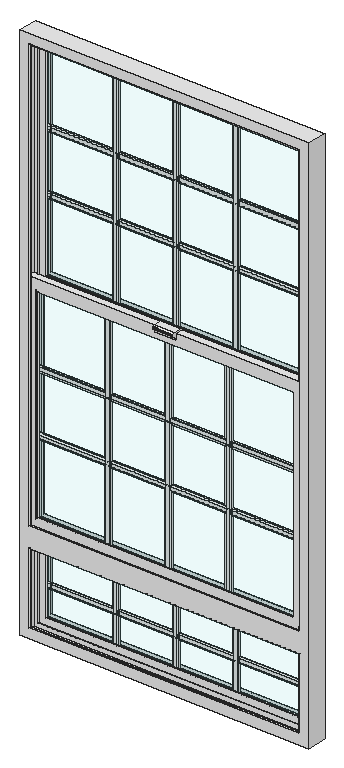
Revit family "Windows_Single-Hung_Milgard_Tuscany-Montecito-Series_Single-Hung-Above", category Windows, host Wall, Revit 2017
Family settings
  Host = Wall
  OmniClass Number = 23.30.20.17.17.11
  OmniClass Title = Single-Hung Windows
  Always vertical = Yes
  Cut with Voids When Loaded = No
  Shared = No
  Room Calculation Point = No
Parameters (values of type "48" x 90"")
  Youtube clip = "https://www.youtube.com/watch?v=kTycgURMhFo&list=PL_Ow8HQ0-gw77aRiTrPBSI0--vocwVnzV&index=1"
  Weight Net (Kg) = ""
  Uniformat II Description = "Exterior Windows"
  Uniformat II Code = "B2020"
  Uniclass 2015 Name = ""
  Uniclass 2015 Code = ""
  Uniclass 2.0 Description = ""
  Uniclass 2.0 Code = ""
  Uniclass 1.4 Description = ""
  Uniclass 1.4 Code = ""
  URL = "www.milgard.com"
  UNSPSC Code = ""
  U Values URL = "https://www.milgard.com/professionals/energy-calculator"
  Technical description = "https://www.milgard.com/professionals/technical-resources?doc_type%5B%5D=48"
  Style = "Single Hung Above"  # constant formula
  Solar Heat Gain Coefficient = 0
  Sash Division = Height / 2  # 45"
  Rough Width = Width + 1"  # 49"
  Rough Height = Height + 1"  # 91"
  Region South America = "None"
  Region Oceania = "None"
  Region North America = "CA, US"
  Region Middle East = "None"
  Region Europe = "None"
  Region Asia = "None"
  Region Antarctica = "None"
  Region Africa = "None"
  QR code = "http://bimobject.com/milgardwindowsanddoors/product/milgard-001"
  Product url = "http://www.milgard.com/windows/tuscany-series/tuscany-series-single-hung-window"
  Product group = "Tuscany??? Series"
  Product family = "Single-Hung Windows"
  Product data url = "https://bimobject.com/milgardwindowsanddoors/product/milgard-001"
  Product certification = "https://www.milgard.com/learn/why-milgard/sustainability"
  Product SKU = "milgard-001"
  Product Page URL = "https://www.milgard.com/windows/tuscany-series/tuscany-series-single-hung-window#series-styles--wrapper"
  Product Guid = "9f75bdfc-b521-4a0d-af9b-e80957409c86"
  Product Documentation Link = "https://www.milgard.com/professionals/technical-resources"
  Picture Height = 15"
  OmniClass Description = "Windows"
  OmniClass Code = "23-17 13 00"
  Nominal width = 0"
  Nominal height = 0"
  NBS Reference Description = ""
  NBS Reference Code = ""
  Material secondary = "Glass"
  Material main = "Vinyl"
  Masterformat 2014 Description = "Vinyl Windows"
  Masterformat 2014 Code = "08 53 13"
  Manufacturer name = "Milgard Windows and Doors"
  Manufacturer country = "United States"
  Installation instructions = "https://www.milgard.com/professionals/installation-finishing"
  IFC Classification = ""
  Has Triple Glazed [instance] = yes
  Grid Width = Width - (2 5/8" * 2)  # 42 3/4"
  Picture Grid Height = Picture Height - 2 5/8" - 2 3/8"  # 10"
  Model = "Tuscany® Series"  # constant formula
  Manufacturer = "® 2017 Milgard Manufacturing, Inc."  # constant formula
  Lower Grid Height = ((Height - Picture Height) / 2) - 2 29/32" - 5/32"  # 34 7/16"
  LEED Credit = ""
  Interior Frame Color [instance] = Paint - Milgard - White
  Height = 90"
  Has Grid [instance] = yes
  Hardware Color [instance] = Paint - Milgard - White
  Grid Type = Grid-Milgard : Sculptured 1 1/16"
  Upper Grid Height = ((Height - Picture Height) / 2) - 2 3/8" - 23/32"  # 34 13/32"
  Green Building LEED = "https://www.milgard.com/sites/default/files/leed.pdf"
  Glass Material [instance] = Glass-Milgard-P516
  Exterior Frame Color [instance] = Paint - Milgard - White
  Energy Star Zone = "https://www.milgard.com/learn/energy-efficient-windows/energy-star"
  Edition number = 1
  EAN code = ""
  Design country = "United States"
  Design Pressure = ""
  Description = "Vinyl Windows"  # constant formula
  Depth = 3 1/4"  # constant formula
  Default Sill Height = 36"
  Wall Closure = By host
  Width = 48"
  Date of publishing = "1/17/2017"
  COBIe Type Category = ""
  Brand url = "http://www.milgard.com/"
  BIMobject category = "Opening Hinge"
  Assembly Code = "B2020100"
  Approximated Vertical Grid Spacing = 10"
  Approximated Horizontal Grid Spacing = 10"
  Analytic Construction = "<None>"
Types (3): name | Sash Division | Rough Width | Rough Height | Picture Height | Grid Width | Picture Grid Height | Lower Grid Height | Height | Upper Grid Height | Glass Material | Width
  24" x 60" | 30" | 25" | 61" | 15" | 18 3/4" | 10" | 19 7/16" | 60" | 19 13/32" | Glass-Milgard-P516 | 24"
  12" x 35" | 17 1/2" | 13" | 36" | 10" | 6 3/4" | 5" | 9 7/16" | 35" | 9 13/32" | Glass - Milgard - P516 | 12"
  48" x 90" | 45" | 49" | 91" | 15" | 42 3/4" | 10" | 34 7/16" | 90" | 34 13/32" | Glass-Milgard-P516 | 48"
Reference planes (in)
  plane 1 "Center (Front/Back)": y = 4.375
  plane 2: z = 0
  plane 3 "Center (Left/Right)": x = 0.499
  plane 4 "Left": x = -23.501
  plane 5 "Right": x = 24.499
  plane 6 "Sill": z = 51
  plane 7 "Top": z = 126
  plane 8: z = 88.5
  plane 9 "Interior": y = 2.75
  plane 10 "Exterior": y = 6
  plane 11: x = -21.13827
  plane 12: x = 22.13627
  plane 13: z = 53.90223
  plane 14: z = 89.75
  plane 15 "Grid CL Exterior": y = 5.1875
  plane 16 "Grid CL Interior": y = 3.63226
  plane 17: z = 52.5095
  plane 18: x = -22.531
  plane 19: x = 23.529
  plane 20 "Sash": z = 87.81907
  plane 21: z = 48.36727
  plane 22: z = 36
  plane 23: z = 38.36273
  plane 24: z = 36.97
  plane 25: z = 43.365
  plane 26: z = 71.12975
  plane 27: z = 106.42454
  plane 28: z = 89.2118
  plane 29: z = 88.35727
  plane 30: z = 123.63727
Forms (in)
  Sweep 1, solid, material "Paint - Milgard - White" <- "Exterior Frame Color", detail levels medium+fine
    path origin (0, 4.375, 0) x (1, 0, 0) y (0, 0, 1)
      loop
        line (-23.501, 36) -> (24.499, 36) -> (24.499, 126) -> (-23.501, 126) -> (-23.501, 36)
    profile origin (-23.501, 4.375, 81) x (-1, 0, 0) y (0, -1, 0)
      loop
        line (-1.54679, 1.625) -> (-1.72, 1.525) -> (-1.72, 1.44922) -> (-0.97, 1.44922) -> (-0.97, 0) -> (-1.72, 0) -> (-1.72, -0.20703) -> (-0.97, -0.20703) -> (-0.97, -1.19269) -> (-0.7204, -1.625) -> (0, -1.625) -> (0, 1.625) -> (-1.54679, 1.625)
  Sweep 2, solid, material "Paint - Milgard - White" <- "Exterior Frame Color", detail levels medium+fine
    path origin (0, 4.375, 0) x (1, 0, 0) y (0, 0, 1)
      loop
        line (-23.501, 51) -> (24.499, 51)
    profile origin (0.499, 4.375, 51) x (0, 0, 1) y (0, -1, 0)
      loop
        line (-1.44179, 1.625) -> (-1.615, 1.525) -> (-1.615, -0.20703) -> (-0.97, -0.20703) -> (-0.97, -1.05482) -> (-0.6154, -1.625) -> (0.8854, -1.625) -> (1.24, -1.05482) -> (1.24, -0.20703) -> (1.885, -0.20703) -> (1.885, 0.10548) -> (1.5095, 0.10548) -> (1.5095, 1.38) -> (1.885, 1.38) -> (1.885, 1.525) -> (1.71179, 1.625) -> (-1.44179, 1.625)
  Sweep 3, solid, material "Paint - Milgard - White", detail levels coarse
    path origin (0, 2.75, 0) x (-1, 0, 0) y (0, 0, 1)
      loop
        line (23.501, 126) -> (-24.499, 126) -> (-24.499, 36) -> (23.501, 36) -> (23.501, 126)
    profile origin (0.499, 2.75, 126) x (0, 0, -1) y (0, 1, 0)
      loop
        line (0, 3.25) -> (0, 0) -> (2.36273, 0) -> (2.36273, 3.25) -> (0, 3.25)
  Sweep 4, solid, material "Paint - Milgard - White", detail levels coarse
    path in 3D
      loop
        line (-21.13827, 2.99554, 52.5095) -> (22.13627, 2.99554, 52.5095)
    profile origin (0.499, 2.99554, 52.5095) x (0, 0, 1) y (0, -1, 0)
      loop
        line (-3.1245, 0.24554) -> (-3.1245, -3.00446) -> (0.3755, -3.00446) -> (0.3755, 0.24554) -> (-3.1245, 0.24554)
Cuts and joins
  joined: Sweep 1, Sweep 2
  joined: Sweep 3, Sweep 4
Lines and regions (in)
  Opening 1
    outline origin (-60, -6, 0) x (1, 0, 0) y (0, 0, 1)
      loop
        line (36.499, 126) -> (36.499, 36) -> (84.499, 36) -> (84.499, 126) -> (36.499, 126)
  Masking region 1
    outline origin (0, 1.1585, 51) x (0, -1, 0) y (1, 0, 0)
      loop
        line (-4.8415, -23.501) -> (-1.5915, -23.501) -> (-1.5915, 24.499) -> (-4.8415, 24.499) -> (-4.8415, -23.501)
  symbolic lines, style "Windows", detail levels medium+fine
    curve 1: line (-21.781, 5.79297, 51) -> (23.529, 5.79297, 51)
    curve 2: line (-21.781, 2.92578, 51) -> (23.529, 2.92578, 51)
  symbolic lines, style "Windows"
    curve 3: line (-21.781, 4.375, 51) -> (23.529, 4.375, 51)
    curve 4: line (-21.781, 6, 51) -> (-21.781, 2.75, 51)
    curve 5: line (23.529, 6, 51) -> (23.529, 2.75, 51)
  symbolic lines, style "WindowsFrameMullionProjection", detail levels medium+fine
    curve 6: line (-21.13827, 5.79297, 51) -> (-21.13827, 2.92578, 51)
    curve 7: line (22.13627, 5.79297, 51) -> (22.13627, 2.92578, 51)
  symbolic lines, style "Windows", detail levels fine
    curve 8: line (-21.13827, 5.1875, 51) -> (22.13627, 5.1875, 51)
    curve 9: line (-21.13827, 3.63226, 51) -> (22.13627, 3.63226, 51)
  sketch lines
    curve 10: line (-21.13827, 2.99554, 52.5095) -> (22.13627, 2.99554, 52.5095)
Text (in)
  text "EXTERIOR" at (-61.17835, 22.13118, 0), in view "Ref. Level"
  text "INTERIOR" at (-61.17835, -12.83634, 0), in view "Ref. Level"
  text "Exterior" at (0, 43.65631, 123.19604), in view "Left"
  text "Exterior" at (0, 18.29385, 125.04747), in view "Right"
Dimensions and locks (in)
  equal spacing: plane 4 "Left", plane 3 "Center (Left/Right)", plane 5 "Right"
  "Width": plane 4 "Left" to plane 5 "Right"
  equal spacing: plane 10 "Exterior", plane 1 "Center (Front/Back)", plane 9 "Interior"
  "Depth": plane 10 "Exterior" to plane 9 "Interior"
  equal spacing: plane 10 "Exterior", plane 15 "Grid CL Exterior", plane 1 "Center (Front/Back)", locked at 0.8125 each
  locked: nested 2 to plane 10 "Exterior" at 0.20703
  locked: Sweep 1 sketch curve to Sweep 1 sketch curve at 3.25
  locked: Sweep 1 to curve 2 at 0.17578
  "Height": plane 7 "Top" to plane 22
  locked: plane 13 to plane 6 "Sill" at 2.90223
  equal spacing: plane 7 "Top", plane 8, plane 6 "Sill"
  locked: plane 17 to plane 6 "Sill" at 1.5095
  "Picture Height": plane 22 to plane 6 "Sill"
  locked: plane 22 to plane 23 at 2.36273
  locked: plane 22 to plane 24 at 0.97
  equal spacing: plane 21, plane 25, plane 23
  locked: plane 6 "Sill" to plane 21 at 2.63273
  "Default Sill Height": plane 22 to plane 2
  plane 14 to plane 8 to plane 20 "Sash" = 1 1/4" locked, 0.68093" locked
  locked: plane 28 to plane 8 at 0.7118
  locked: plane 8 to plane 29 at 0.14273
  equal spacing: plane 29, plane 26, plane 13
  locked: plane 7 "Top" to plane 30 at 2.36273
  equal spacing: plane 30, plane 27, plane 28
  Sweep 2 sketch curve to plane 6 "Sill" to Sweep 2 sketch curve = 1.5095" locked, 1.615" locked
  locked: plane 16 "Grid CL Interior" to plane 9 "Interior" at 0.88226
  locked: plane 4 "Left" to plane 18 at 0.97
  locked: plane 4 "Left" to plane 11 at 2.36273
  locked: plane 19 to plane 5 "Right" at 0.97
  locked: plane 12 to plane 5 "Right" at 2.36273
  aligned and locked: plane 5 "Right" to Opening 1 sketch curve
  aligned and locked: plane 4 "Left" to Opening 1 sketch curve
  aligned and locked: Sweep 1 sketch curve to plane 4 "Left"
  aligned and locked: plane 5 "Right" to Sweep 1 sketch curve
  aligned: nested 1 to plane 13
  aligned: plane 14 to nested 1  (x4)
  aligned: plane 11 to nested 2
  aligned: plane 12 to nested 2
  aligned and locked: host wall to plane 10 "Exterior"
  aligned: plane 15 "Grid CL Exterior" to nested 2
  aligned: nested 1 to plane 16 "Grid CL Interior"
  aligned: Masking region 1 to Sweep 1  (x4)
  aligned: nested 1 to nested 3
  aligned and locked: nested 1 to plane 16 "Grid CL Interior"  (x2)
  aligned and locked: plane 15 "Grid CL Exterior" to nested 2  (x2)
  aligned: plane 13 to nested 1
  aligned: nested 1 to Sweep 1
  aligned: nested 2 to Sweep 1
  aligned and locked: plane 3 "Center (Left/Right)" to nested 3
  aligned and locked: Sweep 1 sketch curve to profile plane
  aligned and locked: plane 9 "Interior" to Sweep 1 sketch curve
  aligned: nested 2 to plane 18
  aligned: nested 2 to plane 19
  aligned: nested 1 to plane 19
  aligned: nested 1 to plane 18
  aligned: plane 17 to nested 1  (x3)
  aligned and locked: level to plane 2
  aligned and locked: nested 3 to nested 1
  aligned and locked: plane 1 "Center (Front/Back)" to curve 3
  aligned and locked: plane 10 "Exterior" to curve 4
  aligned and locked: Sweep 1 to curve 4
  aligned and locked: Masking region 1 to plane 9 "Interior"
  aligned and locked: Masking region 1 to plane 4 "Left"
  aligned and locked: plane 5 "Right" to Masking region 1
  aligned and locked: plane 10 "Exterior" to Masking region 1
  aligned and locked: plane 10 "Exterior" to curve 5
  aligned and locked: plane 9 "Interior" to curve 5
  aligned and locked: nested 2 to curve 6
  aligned and locked: curve 2 to curve 6
  aligned and locked: curve 1 to curve 7
  aligned and locked: plane 11 to curve 8
  aligned and locked: plane 12 to curve 8
  aligned and locked: plane 15 "Grid CL Exterior" to curve 8
  aligned and locked: plane 11 to curve 9
  aligned and locked: plane 12 to curve 9
  aligned and locked: curve 9 to plane 16 "Grid CL Interior"
  aligned: nested 6 to plane 19
  aligned: nested 6 to plane 18
  aligned: nested 6 to cut or joined group of Sweep 1, Sweep 2  (x3)
  aligned: nested 2 to cut or joined group of Sweep 1, Sweep 2  (x2)
  aligned and locked: nested 1 to plane 19
  aligned and locked: nested 1 to plane 18
  aligned and locked: plane 14 to nested 1
  aligned and locked: nested 2 to plane 18
  aligned and locked: nested 2 to plane 19
  aligned and locked: nested 6 to plane 19
  aligned and locked: nested 6 to plane 18
  aligned and locked: plane 20 "Sash" to nested 2
  aligned and locked: plane 22 to Opening 1 sketch curve
  aligned and locked: plane 7 "Top" to Opening 1 sketch curve
  aligned and locked: plane 5 "Right" to Sweep 2 sketch curve
  aligned and locked: plane 4 "Left" to Sweep 2 sketch curve
  aligned and locked: plane 7 "Top" to Sweep 1 sketch curve
  aligned and locked: Sweep 1 sketch curve to plane 22
  aligned: nested 7 to plane 25
  aligned: plane 3 "Center (Left/Right)" to nested 6
  aligned and locked: nested 6 to plane 24
  aligned and locked: nested 2 to cut or joined group of Sweep 1, Sweep 2
  aligned and locked: nested 7 to plane 25
  aligned and locked: plane 3 "Center (Left/Right)" to nested 7
  aligned: plane 27 to nested 4  (x2)
  aligned: plane 3 "Center (Left/Right)" to nested 4
  aligned and locked: nested 1 to nested 3
  aligned and locked: plane 3 "Center (Left/Right)" to nested 4
  aligned and locked: plane 3 "Center (Left/Right)" to nested 5
  aligned and locked: plane 26 to nested 5
  aligned and locked: plane 27 to nested 4
  aligned: plane 3 "Center (Left/Right)" to nested 2
  aligned and locked: plane 9 "Interior" to Sweep 2 sketch curve
  aligned and locked: plane 10 "Exterior" to Sweep 2 sketch curve
  aligned and locked: nested 6 to cut or joined group of Sweep 1, Sweep 2
  aligned and locked: plane 17 to nested 1
  aligned and locked: curve 5 to plane 19
  aligned and locked: plane 15 "Grid CL Exterior" to nested 6
  aligned and locked: Sweep 3 sketch curve to plane 4 "Left"
  aligned and locked: Sweep 3 sketch curve to plane 22
  aligned and locked: plane 5 "Right" to Sweep 3 sketch curve
  aligned and locked: plane 7 "Top" to Sweep 3 sketch curve
  aligned and locked: Sweep 3 sketch curve to plane 10 "Exterior"
  aligned and locked: plane 9 "Interior" to Sweep 3 sketch curve
  aligned and locked: Sweep 4 sketch curve to cut or joined group of Sweep 1, Sweep 2  (x2)
  aligned and locked: plane 9 "Interior" to Sweep 4 sketch curve
  aligned and locked: Sweep 4 sketch curve to plane 10 "Exterior"
Automatic sketch dimensions
  Sweep 2 sketch curve to plane 6 "Sill" = 0"
  plane 1 "Center (Front/Back)" to Sweep 1 sketch curve = 0"
  profile plane to Sweep 1 sketch curve = 0.7204"
  profile plane to Sweep 1 sketch curve = 0.97"
  Sweep 1 sketch curve to Sweep 1 sketch curve = 0.2496"
  Sweep 1 sketch curve to Sweep 1 sketch curve = 0.57679"
  Sweep 1 sketch curve to Sweep 1 sketch curve = 0.17321"
  Sweep 1 sketch curve to plane 1 "Center (Front/Back)" = 53/256"
  Sweep 1 sketch curve to Sweep 1 sketch curve = 3/4"
  Sweep 1 sketch curve to Sweep 1 sketch curve = 0.43231"
  Sweep 1 sketch curve to Sweep 1 sketch curve = 45/256"
  Sweep 1 sketch curve to Sweep 1 sketch curve = 0.07578"
  Masking region 1 sketch curve to host wall = 0"
  Masking region 1 sketch curve to host wall = 8 3/4"
  Masking region 1 sketch curve to plane 4 "Left" = 0"
  Masking region 1 sketch curve to plane 5 "Right" = 0"
  Sweep 2 sketch curve to profile plane = 0.8854"
  profile plane to Sweep 2 sketch curve = 0.6154"
  Sweep 2 sketch curve to Sweep 2 sketch curve = 0.3546"  (x2)
  profile plane to Sweep 2 sketch curve = 1.44179"
  Sweep 2 sketch curve to Sweep 2 sketch curve = 0.20229"
  Sweep 2 sketch curve to Sweep 2 sketch curve = 0.3755"
  Sweep 2 sketch curve to Sweep 2 sketch curve = 0.17321"
  Sweep 2 sketch curve to Sweep 2 sketch curve = 0.1"  (x2)
  Sweep 2 sketch curve to Sweep 2 sketch curve = 0.145"
  Sweep 2 sketch curve to Sweep 2 sketch curve = 1.73203"
  Sweep 2 sketch curve to Sweep 2 sketch curve = 5/16"
  Sweep 2 sketch curve to Sweep 2 sketch curve = 0.84779"  (x2)
  Sweep 2 sketch curve to Sweep 2 sketch curve = 0.57018"
  curve 3 to plane 11 = 0.64273"
  Sweep 3 sketch curve to profile plane = 0"
  Sweep 3 sketch curve to profile plane = 2.36273"
Nested families (in)
  nested 1: "Sash-Milgard-Single _Hung" at (0.499, 3.63226, 71.12975) x (1, 0, 0) z (0, -1, 0), Sash Color <- "Exterior Frame Color", type "By type"
    with Width 46.06", Sash Color Paint - Milgard - White, Height 37.2405", Grid Width 42.31", Grid Height 33.7405", Depth 1 35/128"
  nested 2: "Sash-Milgard-Single _Hung" at (0.499, 5.1875, 106.42454) x (1, 0, 0) z (0, -1, 0), Sash Color <- "Exterior Frame Color", type "By type"
    with Width 46.06", Sash Color Paint - Milgard - White, Height 37 27/128", Grid Width 42.31", Grid Height 33 91/128", Depth 1 27/128"
  nested 3: "Lock-Streamlined" at (0.499, 2.99554, 89.75), Hardware Color <- "Hardware Color", type "By type", detail levels fine
    with Hardware Color Paint - Milgard - White
  nested 4: "Grid-Milgard" at (0.499, 5.1875, 106.42454) x (1, 0, 0) z (0, -1, 0), type <- "Grid Type", visible <- "Has Grid", Grid Material <- "Exterior Frame Color", Height <- "Upper Grid Height", Width <- "Grid Width", Y Grid Spacing <- "Approximated Vertical Grid Spacing", X Grid Spacing <- "Approximated Horizontal Grid Spacing", Interior Frame Color <- "Interior Frame Color", type "Sculptured 1 1/16""
    with Y Single Grid no, Y Multiple Grid yes, Y Grid Spacing 10", Y Grid Qty 2, Y Grid Location 5", Y Grid Array 2, X Single Grid no, X Multiple Grid yes, X Grid Spacing 10", X Grid Qty 3, X Grid Location 10", X Grid Array 3, Width 42 3/4", Interior Frame Color Paint - Milgard - White, Height 34 13/32", Grid Material Paint - Milgard - White
  nested 5: "Grid-Milgard" at (0.499, 3.63226, 71.12975) x (1, 0, 0) z (0, -1, 0), type <- "Grid Type", visible <- "Has Grid", Grid Material <- "Exterior Frame Color", Height <- "Lower Grid Height", Width <- "Grid Width", Y Grid Spacing <- "Approximated Vertical Grid Spacing", X Grid Spacing <- "Approximated Horizontal Grid Spacing", Interior Frame Color <- "Interior Frame Color", type "Sculptured 1 1/16""
    with Y Single Grid no, Y Multiple Grid yes, Y Grid Spacing 10", Y Grid Qty 2, Y Grid Location 5", Y Grid Array 2, X Single Grid no, X Multiple Grid yes, X Grid Spacing 10", X Grid Qty 3, X Grid Location 10", X Grid Array 3, Width 42 3/4", Interior Frame Color Paint - Milgard - White, Height 34 7/16", Grid Material Paint - Milgard - White
  nested 6: "Sash-Milgard-Single _Hung" at (0.499, 5.1875, 43.5) x (1, 0, 0) z (0, -1, 0), Sash Color <- "Exterior Frame Color", type "By type"
    with Width 46.06", Sash Color Paint - Milgard - White, Height 13.06", Grid Width 42.31", Grid Height 9.56", Depth 1 35/128"
  nested 7: "Grid-Milgard" at (0.499, 5.1875, 43.365) x (1, 0, 0) z (0, -1, 0), type <- "Grid Type", visible <- "Has Grid", Grid Material <- "Exterior Frame Color", Width <- "Grid Width", Height <- "Picture Grid Height", Y Grid Spacing <- "Approximated Vertical Grid Spacing", X Grid Spacing <- "Approximated Horizontal Grid Spacing", Interior Frame Color <- "Interior Frame Color", type "Sculptured 1 1/16""
    with Y Single Grid yes, Y Multiple Grid no, Y Grid Spacing 10", Y Grid Qty 1, Y Grid Location 0", Y Grid Array 2, X Single Grid no, X Multiple Grid yes, X Grid Spacing 10", X Grid Qty 3, X Grid Location 10", X Grid Array 3, Width 42 3/4", Interior Frame Color Paint - Milgard - White, Height 10", Grid Material Paint - Milgard - White
Definition of nested family "Sash-Milgard-Single _Hung"
  Parameters (values of type "By type")
    Width [instance] = 48"
    Sash Color [instance] = none
    Height [instance] = 48"
    Grid Width [instance] = Width - 3 3/4"  # 44 1/4"
    Grid Height [instance] = Height - 3 1/2"  # 44 1/2"
    Glass Material = none
    Depth [instance] = 1 35/128"
    Default Elevation = 48"
    Assembly Code = ""
    Analytic Construction = "<None>"
  Reference planes (in)
    plane 1 "Center (Front/Back)": y = 0
    plane 2: z = 0
    plane 3 "Center (Left/Right)": x = 0
    plane 4 "Left": x = -24
    plane 5 "Right": x = 24
    plane 6 "Top": y = 24
    plane 7 "Bottom": y = -24
    plane 8 "Front": z = 0.63672
    plane 9 "Back": z = -0.63672
    plane 10: y = 22.60727
    plane 11: y = -22.60727
    plane 12: x = 22.60727
    plane 13: x = -22.60727
    plane 14 "Grid Plane 1": x = -22.09619
    plane 15 "Grid Plane 2": x = 22.09619
    plane 16 "Grid Plane 3": y = 22.09619
    plane 17 "Grid Plane 4": y = -22.09619
  Forms (in)
    Sweep 1, solid, material <- "Sash Color"
      path origin (0, 0, 0) x (1, 0, 0) y (0, 1, 0)
        loop
          line (-24, 24) -> (-24, -24) -> (24, -24) -> (24, 24) -> (-24, 24)
      profile origin (-24, 0, 0) x (1, 0, 0) y (0, 0, 1)
        loop
          line (0, 0.63672) -> (0, -0.63672) -> (1.80668, -0.63672) -> (1.91032, -0.4572) -> (1.39273, -0.4572) -> (1.39273, 0.48759) -> (1.90381, 0.48759) -> (1.81771, 0.63672) -> (0, 0.63672)
    Extrusion 2, solid, material <- "Glass Material"
      sketch origin (0, 0, 0) x (0, 1, 0) y (0, 0, 1)
        loop
          line (22.60727, 0.48759) -> (-22.60727, 0.48759) -> (-22.60727, 0.36259) -> (22.60727, 0.36259) -> (22.60727, 0.48759)
        loop
          line (22.60727, -0.4572) -> (22.60727, -0.3322) -> (-22.60727, -0.3322) -> (-22.60727, -0.4572) -> (22.60727, -0.4572)
      from -22.60727 to 22.60727
  Dimensions and locks (in)
    equal spacing: plane 4 "Left", plane 3 "Center (Left/Right)", plane 5 "Right"
    "Width": plane 4 "Left" to plane 5 "Right"
    equal spacing: plane 8 "Front", level, plane 9 "Back"
    "Depth": plane 8 "Front" to plane 9 "Back"
    equal spacing: plane 6 "Top", plane 1 "Center (Front/Back)", plane 7 "Bottom"
    "Height": plane 6 "Top" to plane 7 "Bottom"
    Extrusion 2 sketch curve to Sweep 1 = 1/8"  (x2)
    locked: plane 6 "Top" to plane 10 at 1.39273
    locked: plane 11 to plane 7 "Bottom" at 1.39273
    locked: plane 12 to plane 5 "Right" at 1.39273
    locked: plane 4 "Left" to plane 13 at 1.39273
    locked: plane 13 to plane 14 "Grid Plane 1" at 0.51107
    locked: plane 15 "Grid Plane 2" to plane 12 at 0.51107
    locked: plane 10 to plane 16 "Grid Plane 3" at 0.51107
    locked: plane 17 "Grid Plane 4" to plane 11 at 0.51107
    aligned and locked: profile plane to Sweep 1 sketch curve
    aligned and locked: Sweep 1 to plane 8 "Front"
    aligned and locked: Sweep 1 to plane 9 "Back"
    aligned and locked: Sweep 1 sketch curve to plane 6 "Top"
    aligned and locked: Sweep 1 sketch curve to plane 7 "Bottom"
    aligned and locked: Sweep 1 sketch curve to plane 4 "Left"
    aligned and locked: Sweep 1 sketch curve to plane 5 "Right"
    aligned and locked: plane 10 to Extrusion 2  (x2)
    aligned and locked: Extrusion 2 to plane 11  (x2)
    aligned and locked: plane 13 to Extrusion 2
    aligned and locked: plane 12 to Extrusion 2
  Automatic sketch dimensions
    level to Sweep 1 sketch curve = 0.48759"
    Sweep 1 sketch curve to profile plane = 1.39273"
    Sweep 1 sketch curve to level = 163/256"
    Sweep 1 sketch curve to Sweep 1 sketch curve = 0.41395"
    Sweep 1 sketch curve to Sweep 1 sketch curve = 0.42497"
    Sweep 1 sketch curve to Sweep 1 sketch curve = 0.0861"
    Sweep 1 sketch curve to level = 0.4572"
    Sweep 1 sketch curve to Sweep 1 sketch curve = 0.10364"
    Sweep 1 sketch curve to Sweep 1 sketch curve = 0.14913"
    Extrusion 2 sketch curve to plane 11 = 0"  (x2)
    Extrusion 2 sketch curve to plane 10 = 0"  (x2)
    Extrusion 2 sketch curve to Extrusion 2 sketch curve = 1/8"  (x2)
Definition of nested family "Lock-Streamlined"
  Parameters
    Hardware Color [instance] = none
    Default Elevation = 48"
    Assembly Code = ""
  Reference planes (in)
    plane 1 "Center (Front/Back)": y = 0
    plane 2: z = 0
    plane 3 "Center (Left/Right)": x = 0
  Forms (in)
    Extrusion 1, solid, material <- "Hardware Color"
      sketch origin (0, 0, 0) x (0, 1, 0) y (0, 0, 1)
        loop
          line (1.289, 0) -> (1.289, 0.1) -> (1.02348, 0.19834) -> (-0.16402, 0.19834) -> (-0.53109, 0.04253)
          arc (-0.53109, 0.04253) -> (-0.61252, -0.02474) -> (-0.64397, -0.12558) r 0.1853
          arc (-0.64397, -0.12558) -> (-0.60725, -0.24624) -> (-0.49642, -0.30645) r 0.16635
          line (-0.49642, -0.30645) -> (-0.17485, -0.30645)
          arc (-0.17485, -0.30645) -> (-0.13606, -0.32252) -> (-0.12, -0.3613) r 0.05485
          line (-0.12, -0.3613) -> (-0.12, -0.59691) -> (-0.07, -0.86691) -> (0, -0.86691) -> (0, 0) -> (1.289, 0)
      from -1.69 to 1.69
Definition of nested family "Grid-Milgard"
  Parameters
    Y Single Grid [instance] = Y Grid Qty = 1  # no
    Y Multiple Grid [instance] = Y Grid Qty > 1  # yes
    Y Grid Spacing [instance] = 10"
    Y Grid Qty [instance] = if(Height < 15", (Height / Y Grid Spacing), (Height / Y Grid Spacing) - 1)  # 3
    Y Grid Location [instance] = ((Y Grid Qty - 1) * Y Grid Spacing) / 2  # 10"
    Y Grid Array [instance] = if(Y Grid Qty = 1, Y Grid Qty + 1, Y Grid Qty)  # 3
    X Single Grid [instance] = X Grid Qty = 1  # no
    X Multiple Grid [instance] = X Grid Qty > 1  # yes
    X Grid Spacing [instance] = 10"
    X Grid Qty [instance] = if(Width < 15", (Width / X Grid Spacing), (Width / X Grid Spacing) - 1)  # 3
    X Grid Location [instance] = ((X Grid Qty - 1) * X Grid Spacing) / 2  # 10"
    X Grid Array [instance] = if(X Grid Qty = 1, X Grid Qty + 1, X Grid Qty)  # 3
    Width [instance] = 40"
    Interior Frame Color [instance] = none
    Height [instance] = 40"
    Grid Option = Grid_Bar-Milgard-Flat : 5/8"
    Grid Material [instance] = none
    Default Elevation = 48"
    Assembly Code = ""
  Reference planes (in)
    plane 1 "Center (Front/Back)": y = 0
    plane 2: z = 0
    plane 3 "Center (Left/Right)": x = 0
    plane 4 "Left": x = -20
    plane 5 "Right": x = 20
    plane 6 "Top": y = 20
    plane 7 "Bottom": y = -20
  Dimensions and locks (in)
    equal spacing: plane 4 "Left", plane 3 "Center (Left/Right)", plane 5 "Right"
    equal spacing: plane 6 "Top", plane 1 "Center (Front/Back)", plane 7 "Bottom"
    "Width": plane 4 "Left" to plane 5 "Right"
    "Height": plane 6 "Top" to plane 7 "Bottom"
    equal spacing: group 1, group 2, group 5  (x3)
    "X Grid Spacing": nested 1 to nested 3
    equal spacing: group 3, group 4, group 6  (x2)
    equal spacing: group 6, group 4, group 3
    "Y Grid Location": plane 1 "Center (Front/Back)" to nested 2
    "Y Grid Spacing": nested 4 to nested 2
    "X Grid Location": nested 1 to plane 3 "Center (Left/Right)"
    aligned and locked: nested 1 to plane 1 "Center (Front/Back)"
    aligned and locked: plane 3 "Center (Left/Right)" to nested 2
    aligned and locked: nested 3 to plane 1 "Center (Front/Back)"
    aligned and locked: plane 1 "Center (Front/Back)" to nested 5
    aligned and locked: plane 4 "Left" to nested 5
    aligned and locked: plane 5 "Right" to nested 5
    aligned and locked: plane 6 "Top" to nested 6
    aligned and locked: plane 3 "Center (Left/Right)" to nested 6
    aligned and locked: plane 4 "Left" to nested 7
    aligned and locked: plane 5 "Right" to nested 7
    aligned and locked: plane 4 "Left" to nested 8
    aligned and locked: plane 5 "Right" to nested 8
    aligned and locked: plane 1 "Center (Front/Back)" to nested 8
    aligned and locked: nested 9 to plane 6 "Top"
    aligned and locked: nested 9 to plane 3 "Center (Left/Right)"
    aligned and locked: plane 1 "Center (Front/Back)" to nested 7
    aligned and locked: nested 10 to plane 6 "Top"
    aligned and locked: nested 10 to plane 3 "Center (Left/Right)"
  Nested families (in)
    nested 1: "Grid_Bar-Milgard-Flat" at (-10, 0, 0) x (0, 1, 0) z (0, 0, 1), Grid Length <- "Height", visible <- "X Multiple Grid", type <- "Grid Option", Interior Frame Color <- "Interior Frame Color", type "5/8""
      with Interior Frame Color none, Grid Length 40"
    nested 2: "Grid_Bar-Milgard-Flat" at (0, 10, 0), Grid Length <- "Width", visible <- "Y Multiple Grid", type <- "Grid Option", Interior Frame Color <- "Interior Frame Color", type "5/8""
      with Interior Frame Color none, Grid Length 40"
    nested 3: "Grid_Bar-Milgard-Flat" at (0, 0, 0) x (0, 1, 0) z (0, 0, 1), Grid Length <- "Height", visible <- "X Multiple Grid", type <- "Grid Option", Interior Frame Color <- "Interior Frame Color", type "5/8""
      with Interior Frame Color none, Grid Length 40"
    nested 4: "Grid_Bar-Milgard-Flat" at (0, 0, 0), Grid Length <- "Width", visible <- "Y Multiple Grid", type <- "Grid Option", Interior Frame Color <- "Interior Frame Color", type "5/8""
      with Interior Frame Color none, Grid Length 40"
    nested 5: "Grid_Bar-Milgard-Flat" at (0, 0, 0), visible <- "Y Single Grid", Grid Length <- "Width", type <- "Grid Option", type "5/8""
      with Interior Frame Color none, Grid Length 40"
    nested 6: "Grid_Bar-Milgard-Flat" at (0, 0, 0) x (0, 1, 0) z (0, 0, 1), visible <- "X Single Grid", type <- "Grid Option", Grid Length <- "Height", type "5/8""
      with Interior Frame Color none, Grid Length 40"
    nested 7: "Grid_Bar-Milgard-Flat" at (0, 0, 0), visible <- "Y Single Grid", Grid Length <- "Width", type <- "Grid Option", type "5/8""
      with Interior Frame Color none, Grid Length 40"
    nested 8: "Grid_Bar-Milgard-Flat" at (0, 0, 0), Grid Length <- "Width", visible <- "Y Single Grid", type <- "Grid Option", Interior Frame Color <- "Interior Frame Color", type "5/8""
      with Interior Frame Color none, Grid Length 40"
    nested 9: "Grid_Bar-Milgard-Flat" at (0, 0, 0) x (0, -1, 0) z (0, 0, 1), Grid Length <- "Height", visible <- "X Single Grid", type <- "Grid Option", type "5/8""
      with Interior Frame Color none, Grid Length 40"
    nested 10: "Grid_Bar-Milgard-Flat" at (0, 0, 0) x (0, -1, 0) z (0, 0, 1), visible <- "X Single Grid", Grid Length <- "Height", type <- "Grid Option", Interior Frame Color <- "Interior Frame Color", type "5/8""
      with Interior Frame Color none, Grid Length 40"
    nested 11: "Grid_Bar-Milgard-Flat" at (10, 0, 0) x (0, 1, 0) z (0, 0, 1), Grid Length <- "Height", visible <- "X Multiple Grid", type <- "Grid Option", Interior Frame Color <- "Interior Frame Color", type "5/8""
      with Interior Frame Color none, Grid Length 40"
    nested 12: "Grid_Bar-Milgard-Flat" at (0, -10, 0), Grid Length <- "Width", visible <- "Y Multiple Grid", type <- "Grid Option", Interior Frame Color <- "Interior Frame Color", type "5/8""
      with Interior Frame Color none, Grid Length 40"
  Definition of nested family "Grid_Bar-Milgard-Flat"
    Parameters
      Interior Frame Color [instance] = none
      Grid Material = none
      Grid Length [instance] = 46 1/2"
      Grid Height = 5/8"
      Grid Depth = 3/16"
      Default Elevation = 48"
      Assembly Code = ""
    Reference planes (in)
      plane 1 "Center (Front/Back)": y = 0
      plane 2: z = 0
      plane 3 "Center (Left/Right)": x = 0
      plane 4 "Left": x = -23.25
      plane 5 "Right": x = 23.25
      plane 6: y = 0.3125
      plane 7: y = -0.3125
      plane 8: z = 0.09375
      plane 9: z = -0.09375
    Forms (in)
      Sweep 1, solid, material <- "Grid Material"
        path origin (0, 0, 0) x (1, 0, 0) y (0, 1, 0)
          loop
            line (-23.25, 0) -> (23.25, 0)
        profile origin (0, 0, 0) x (0, 1, 0) y (0, 0, 1)
          loop
            line (0.3125, 0.09375) -> (-0.3125, 0.09375) -> (-0.3125, -0.09375) -> (0.3125, -0.09375) -> (0.3125, 0.09375)
    Lines and regions (in)
      symbolic lines, detail levels coarse+medium
        curve 1: line (-23.25, 0, 0) -> (23.25, 0, 0)
      symbolic lines, detail levels fine
        curve 2: line (-23.25, 0.3125, 0) -> (23.25, 0.3125, 0)
        curve 3: line (-23.25, -0.3125, 0) -> (23.25, -0.3125, 0)
    Dimensions and locks (in)
      equal spacing: plane 4 "Left", plane 3 "Center (Left/Right)", plane 5 "Right"
      "Grid Length": plane 4 "Left" to plane 5 "Right"
      equal spacing: plane 6, plane 1 "Center (Front/Back)", plane 7
      equal spacing: plane 8, plane 2, plane 9
      "Grid Height": plane 6 to plane 7
      "Grid Depth": plane 8 to plane 9
      aligned and locked: plane 6 to Sweep 1 sketch curve
      aligned and locked: Sweep 1 sketch curve to plane 7
      aligned and locked: Sweep 1 sketch curve to plane 8
      aligned and locked: plane 9 to Sweep 1 sketch curve
      aligned and locked: plane 1 "Center (Front/Back)" to curve 1
      aligned and locked: plane 4 "Left" to curve 1
      aligned and locked: plane 5 "Right" to curve 1
      aligned and locked: plane 4 "Left" to curve 2
      aligned and locked: plane 4 "Left" to curve 3
      aligned and locked: plane 5 "Right" to curve 2
      aligned and locked: plane 5 "Right" to curve 3
      aligned and locked: plane 6 to curve 2
      aligned and locked: plane 7 to curve 3
    Automatic sketch dimensions
      plane 1 "Center (Front/Back)" to Sweep 1 sketch curve = 0"
      Sweep 1 sketch curve to plane 4 "Left" = 0"
      Sweep 1 sketch curve to plane 5 "Right" = 0"
